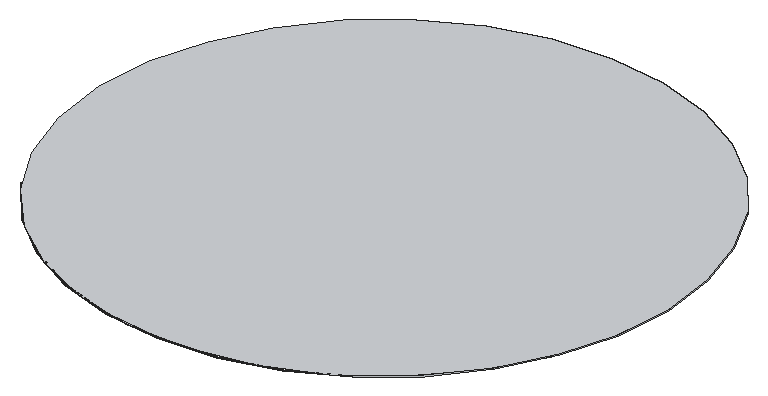
Revit family "TZF NAO17_RFA", category Aparatos sanitarios, Revit 2021
Family settings
  Cota de conector redondo = Diámetro de uso
  Tipo de pieza = Normal
  Número OmniClass = 23.45.05.14.31
  Título OmniClass = Combination Toilets
  Se basa en plano de trabajo = Sí
  Siempre vertical = Sí
  Corte con vacíos al cargar = No
  Compartido = Sí
  Punto de cálculo de habitación = Sí
Parameters (values of type "TZF NAO17")
  URL = "http://www.helvex.com.mx/taza-tzf-nao17"
  Imagen de tipo = TZF NAO17.jpg
  Default Elevation = 4"
  Comentarios de tipo = "Ceramic"
  Total Width = 14.6"
  Total Length = 25.8"
  Total Height = 17"
  Modelo = "TZF NAO17"
  Min. Working Pressure = 14.22 psi
  Maximum Consumption = "1,26 gpf"
  Max. Working Pressure = 85.34 psi
  Fabricante = "HELVEX"
  Instructive = "http://www.helvex.com.mx/taza-tzf-nao17"
  Inlet Threads = "Feeding: 15/16\" - 14 NS - 1; Flush: Coupled With Sanitary Flange"
  High Gloss Ceramic = High Gloss Ceramic
  Features = "Sleek Ergonomic Design; Flat Base; Sturdy Built; Premium Quality High Gloss (A); Exposed Glazed Trapway; Siphon Action Jetted Bowl; Optimum Water Surface; Requires 1,26 gpf Flushvalve; Includes Setting Kit; Saves On Water Consumption; 17\" Comfortable Height"
  Descripción = "1,26 gpf Nao Flush Toilet With Exposed Trapway And Comfortable Height"
  Data Sheet = "http://www.helvex.com.mx/taza-tzf-nao17"
  Compliance = "NOM-009-CONAGUA-2001; ASME A112.19.2-2008; CSA B45.1-08"
  Certification = "http://www.helvex.com.mx/taza-tzf-nao17"
Types (2): name | Imagen de tipo | Default Elevation | Modelo | Instructive | Data Sheet | Certification
  TZF-17 | <Ninguno> | 48" | "TZF-17" | "http://www.helvex.com.mx/productos/instructivos/TZF-17.pdf" | "http://www.helvex.com.mx/productos/fichas/TZF-17.pdf" | "http://www.helvex.com.mx/productos/vistas/TZF-17.pdf"
  TZF NAO17 | TZF NAO17.jpg | 4" | "TZF NAO17" | "http://www.helvex.com.mx/taza-tzf-nao17" | "http://www.helvex.com.mx/taza-tzf-nao17" | "http://www.helvex.com.mx/taza-tzf-nao17"
Reference planes (in)
  plane 1 "Center (Front/Back)": y = 0
  plane 2: z = 0
  plane 3 "Center (Left/Right)": x = 0
  plane 4: y = -12.01
Forms (in)
  Extrusion 1, solid
    sketch origin (0, 0, 0) x (1, 0, 0) y (0, 1, 0)
      loop
        circle (2.59848, -5.79685) r 2
    from 0 to -0.00644
Dimensions and locks (in)
  locked: plane 4 to plane 1 "Center (Front/Back)" at 12.01  (x2)
  aligned and locked: level to plane 2
Connectors (in)
  piping at (2.59848, -5.79685, -0.00644), diameter 4, driven by "Default Elevation"
    settings: on Extrusion 1, index 1, connector inside diameter 609.6 mm, connector length 0", flow factor 0, pipe flow 0.0 GPM, pressure drop 0.0 psi, fitting loss kfactor 0, connector angle 0.00°, fixture units 0, engagement length 0", angle of deflection 0.00°, flow configuration 0, flow direction 2, fitting loss method 0, system type 16, joint type 0, gender type 0, connector reference index -1, connector utility 0, adjustable connector no, is connector primary yes, connector description ""
